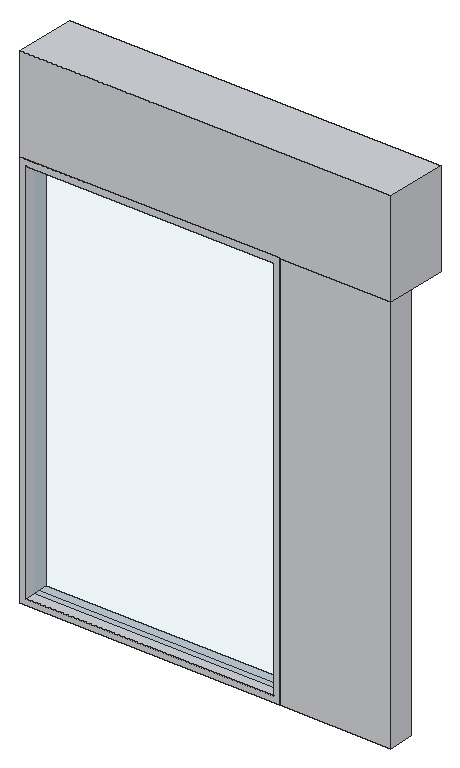
Revit family "ファサードB", category カーテン パネル, Revit 2020
Family settings
  OmniClass 番号 = 23.25.20.14.11.11.17
  OmniClass タイトル = Infill Panels
  常に垂直 = はい
  ロード時にボイドで切り取り = いいえ
  共有 = いいえ
Parameters (values of type "Standard_Panel")
  解析用性能 = "<なし>"
  次による断熱プロパティの定義 = スキーマティック タイプ
  Window_Width = 200 mm
  Window_Visibility = if(Panel_Visibility, 0 + 0 = 1, 0 + 0 = 0)  # no
  Right_Wall = no
  Right_Offset = 0 mm
  Panel_Width [instance] = 900 mm
  Panel_Visibility = yes
  Left_Offset = 0 mm
  Glass_Width = 50 mm
  Frame_Width = 50 mm
  Depth = 500 mm
Types (4, lengths in mm): name | Window_Visibility | Right_Wall | Right_Offset | Panel_Width | Panel_Visibility
  Standard_Panel | no | no | 0 | 900 | yes
  Right_Panel | no | yes | 500 | 684.971 | yes
  Standard_Window | yes | no | 0 | 900 | no
  Right_Window | yes | yes | 500 | 684.971 | no
Reference planes
  plane 1 "中心(正面/背面)": y = 0
  plane 2: z = 0
  plane 3 "中心(左/右)": x = 0
  plane 4 "左": x = -1500
  plane 5 "右": x = 1500
  plane 6 "上部": z = 4000
  plane 7: y = 500
  plane 8 "Left_Offset": x = 1500
  plane 9 "Right_Offset": x = -1500
  plane 10: z = 3233.316
  plane 11: y = 200
  plane 12: x = 550
  plane 13: x = -1450
  plane 14: z = 50
  plane 15: z = 3183.316
  plane 16: y = 100
  plane 17: y = 125
  plane 18: y = 75
  plane 19: x = 600
  plane 20: x = -1700
  plane 21: x = 1450
  plane 22: x = 650
Forms (mm)
  Extrusion 1, solid
    sketch origin (0, 0, 0) x (1, 0, 0) y (0, 1, 0)
      loop
        line (-1500, 500) -> (-1500, 0) -> (1500, 0) -> (1500, 500) -> (-1500, 500)
    from 3233.316 to 4000
  Extrusion 2, solid
    sketch origin (0, 0, 0) x (1, 0, 0) y (0, 0, 1)
      loop
        line (600, 3233.316) -> (-1500, 3233.316) -> (-1500, 0) -> (600, 0) -> (600, 3233.316)
      loop
        line (550, 3183.316) -> (-1450, 3183.316) -> (-1450, 50) -> (550, 50) -> (550, 3183.316)
    from 0 to -200
  Extrusion 3, solid, material "G_Glass"
    sketch origin (0, 0, 0) x (1, 0, 0) y (0, 0, 1)
      loop
        line (550, 3183.316) -> (-1450, 3183.316) -> (-1450, 50) -> (550, 50) -> (550, 3183.316)
    from -125 to -75
  Extrusion 4, solid, visible <- "Panel_Visibility"
    sketch origin (0, 0, 0) x (1, 0, 0) y (0, 0, 1)
      loop
        line (1500, 3233.316) -> (600, 3233.316) -> (600, 0) -> (1500, 0) -> (1500, 3233.316)
    from 0 to -200
  Extrusion 5, solid, visible <- "Right_Wall"
    sketch origin (0, 0, 0) x (1, 0, 0) y (0, 1, 0)
      loop
        line (-1500, 200) -> (-1700, 200) -> (-1700, 0) -> (-1500, 0) -> (-1500, 200)
    from 0 to 3233.316
  Extrusion 6, solid, visible <- "Window_Visibility"
    sketch origin (0, 0, 0) x (1, 0, 0) y (0, 0, 1)
      loop
        line (1500, 3233.316) -> (600, 3233.316) -> (600, 0) -> (1500, 0) -> (1500, 3233.316)
      loop
        line (1450, 3183.316) -> (650, 3183.316) -> (650, 50) -> (1450, 50) -> (1450, 3183.316)
    from 0 to -200
  Extrusion 7, solid, material "G_Glass", visible <- "Window_Visibility"
    sketch origin (0, 0, 0) x (1, 0, 0) y (0, 0, 1)
      loop
        line (1450, 3183.316) -> (650, 3183.316) -> (650, 50) -> (1450, 50) -> (1450, 3183.316)
    from -125 to -75
Text (mm)
  text "外部" at (-2351.972, 1416.179, 0), in view "基準レベル"
  text "外部" at (0, 2290.741, 4406.713), in view "左"
  text "外部" at (0, 1328.187, 4120.349), in view "右"
Dimensions and locks
  equal spacing: plane 4 "左", plane 3 "中心(左/右)", plane 5 "右"
  "Right_Offset": plane 9 "Right_Offset" to plane 4 "左"
  "Left_Offset": plane 5 "右" to plane 8 "Left_Offset"
  "Depth": plane 1 "中心(正面/背面)" to plane 7
  plane 4 "左" to plane 8 "Left_Offset" = 3000 mm
  plane 10 to plane 6 "上部" = 766.684 mm
  Extrusion 2 sketch curve to Extrusion 2 sketch curve = 2100 mm
  Extrusion 2 sketch curve to Extrusion 2 sketch curve to Extrusion 2 sketch curve = 50 mm, 2000 mm
  "Frame_Width": Extrusion 2 sketch curve to Extrusion 1
  "Frame_Width": level to Extrusion 2 sketch curve
  "Window_Width": plane 1 "中心(正面/背面)" to plane 11
  "Frame_Width": plane 2 to plane 14
  "Frame_Width": plane 4 "左" to plane 13
  "Frame_Width": plane 15 to plane 10
  equal spacing: plane 1 "中心(正面/背面)", plane 16, plane 11
  equal spacing: plane 18, plane 16, plane 17
  plane 1 "中心(正面/背面)" to plane 11 = 200 mm
  "Glass_Width": plane 18 to plane 17
  "Panel_Width": plane 19 to plane 5 "右"
  "Frame_Width": plane 19 to plane 12
  "Window_Width": plane 20 to plane 4 "左"
  "Frame_Width": plane 22 to plane 19
  "Frame_Width": plane 8 "Left_Offset" to plane 21
  aligned and locked: level to plane 2
  aligned and locked: plane 7 to Extrusion 1
  aligned and locked: Extrusion 1 to plane 9 "Right_Offset"
  aligned and locked: plane 8 "Left_Offset" to Extrusion 1
  aligned and locked: plane 1 "中心(正面/背面)" to Extrusion 1
  aligned and locked: Extrusion 1 to plane 6 "上部"
  aligned and locked: Extrusion 1 to plane 10
  aligned and locked: plane 10 to Extrusion 2 sketch curve
  aligned and locked: plane 13 to Extrusion 3
  aligned and locked: Extrusion 2 sketch curve to plane 12
  aligned and locked: plane 17 to Extrusion 3
  aligned and locked: Extrusion 3 to plane 18
  aligned and locked: plane 10 to Extrusion 4 sketch curve
  aligned and locked: Extrusion 4 sketch curve to plane 5 "右"
  aligned and locked: Extrusion 2 to Extrusion 4 sketch curve
  aligned and locked: Extrusion 4 sketch curve to Extrusion 2
  aligned and locked: Extrusion 4 to Extrusion 2
  aligned and locked: plane 1 "中心(正面/背面)" to Extrusion 4
  aligned and locked: plane 4 "左" to Extrusion 2
  aligned and locked: Extrusion 2 to plane 13
  aligned and locked: Extrusion 5 sketch curve to Extrusion 2
  aligned and locked: Extrusion 5 sketch curve to plane 20
  aligned and locked: plane 1 "中心(正面/背面)" to Extrusion 5 sketch curve
  aligned and locked: plane 11 to Extrusion 5 sketch curve
  aligned and locked: Extrusion 5 to Extrusion 1
  aligned and locked: Extrusion 5 to level
  aligned and locked: Extrusion 6 sketch curve to Extrusion 1
  aligned and locked: Extrusion 6 sketch curve to Extrusion 4
  aligned and locked: Extrusion 2 to Extrusion 6 sketch curve
  aligned and locked: Extrusion 6 sketch curve to Extrusion 2
  aligned and locked: plane 15 to Extrusion 6 sketch curve
  aligned and locked: Extrusion 6 sketch curve to plane 21
  aligned and locked: Extrusion 6 sketch curve to plane 14
  aligned and locked: plane 22 to Extrusion 6 sketch curve
  aligned and locked: Extrusion 6 to plane 1 "中心(正面/背面)"
  aligned and locked: Extrusion 6 to Extrusion 2
  aligned and locked: Extrusion 7 sketch curve to Extrusion 6  (x4)
  aligned and locked: Extrusion 7 to Extrusion 3  (x2)
Automatic sketch dimensions
  plane 4 "左" to Extrusion 1 sketch curve = 0 mm
  Extrusion 1 sketch curve to plane 5 "右" = 0 mm
  plane 1 "中心(正面/背面)" to Extrusion 1 sketch curve = 0 mm
  Extrusion 1 sketch curve to plane 1 "中心(正面/背面)" = 500 mm
  plane 13 to Extrusion 3 sketch curve = 0 mm
  plane 12 to Extrusion 3 sketch curve = 0 mm
  Extrusion 3 sketch curve to plane 14 = 0 mm
  Extrusion 3 sketch curve to plane 15 = 0 mm
  Extrusion 2 sketch curve to plane 19 = 0 mm
  Extrusion 2 sketch curve to level = 0 mm
